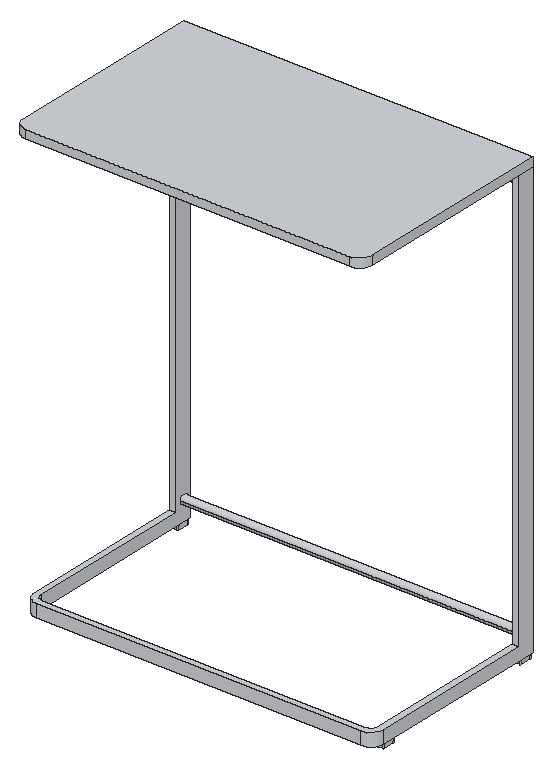
Revit family "Keilhauer_Pact_Laptop Table_77441", category Furniture, Revit 2017
Family settings
  OmniClass Number = 23.40.70.14.64.11
  OmniClass Title = Office Furniture
  Work Plane-Based = No
  Always vertical = Yes
  Cut with Voids When Loaded = No
  Shared = No
  Room Calculation Point = No
Parameters (values of type "Laminate top")
  Type = 2
  Steel Top = Type = 1  # no
  Laminate Top = Type = 2  # yes
  Base [instance] = none
  Glides [instance] = none
  URL = "http://www.keilhauer.com/"
  Product Documentation Link = "http://www.keilhauer.com/"
  Model = "77441"
  Manufacturer = "Keilhauer, Corp."  # constant formula
  Description = "Laptop nesting table with laminate top"
  Copyright © = "© 2021 Keilhauer, Corp."  # constant formula
  Catalog = "Pact"  # constant formula
  Table Top [instance] = none
  Authoring Version = "Autodesk Revit 2015"  # constant formula
  Assembly Code = "E2020200"
Types (2): name | Type | Steel Top | Laminate Top | Model | Description
  Laminate top | 2 | no | yes | "77441" | "Laptop nesting table with laminate top"
  Metal top | 1 | yes | no | "77440" | "Laptop nesting table with metal top"
Reference planes (in)
  plane 1 "Center (Front/Back)": y = 0
  plane 2: z = 0
  plane 3 "Center (Left/Right)": x = 0
  plane 4 "Top": z = 25.813
  plane 5 "Base": z = 0.25
  plane 6: x = 10.06101
  plane 7: x = -10.06101
Forms (in)
  Extrusion 1, solid, material <- "Table Top", visible <- "Steel Top"
    sketch origin (0, 0, 25.813) x (0, 1, 0) y (-1, 0, 0)
      loop
        line (6.53846, 10.25) -> (-5.21154, 10.25)
        arc (-5.21154, 10.25) -> (-5.74187, 10.03033) -> (-5.96154, 9.5) r 0.75
        line (-5.96154, 9.5) -> (-5.96154, -9.5)
        arc (-5.96154, -9.5) -> (-5.74187, -10.03033) -> (-5.21154, -10.25) r 0.75
        line (-5.21154, -10.25) -> (6.53846, -10.25) -> (6.53846, 10.25)
    from 0 to 0.1575
  Blend 2, solid, material <- "Table Top", visible <- "Steel Top"
    base sketch origin (0, 0, 25.813) x (0, 1, 0) y (-1, 0, 0)
      loop
        line (6.53846, 10.25) -> (-5.21154, 10.25)
        arc (-5.21154, 10.25) -> (-5.74187, 10.03033) -> (-5.96154, 9.5) r 0.75
        line (-5.96154, 9.5) -> (-5.96154, -9.5)
        arc (-5.96154, -9.5) -> (-5.74187, -10.03033) -> (-5.21154, -10.25) r 0.75
        line (-5.21154, -10.25) -> (6.53846, -10.25) -> (6.53846, 10.25)
    top sketch origin (0, 0, 25.813) x (0, 1, 0) y (-1, 0, 0)
      loop
        line (6.50846, 10.22) -> (-5.21154, 10.22)
        arc (-5.21154, 10.22) -> (-5.72066, 10.00912) -> (-5.93154, 9.5) r 0.72
        line (-5.93154, 9.5) -> (-5.93154, -9.5)
        arc (-5.93154, -9.5) -> (-5.72066, -10.00912) -> (-5.21154, -10.22) r 0.72
        line (-5.21154, -10.22) -> (6.50846, -10.22) -> (6.50846, 10.22)
    from 0.1575 to 0.1875
  Extrusion 3, solid, material <- "Base"
    sketch origin (10.06101, 5.53647, 47.24409) x (0, -1, 0) y (0, 0, 1)
      loop
        line (-0.6875, -22.18109) -> (-0.3125, -22.18109) -> (-0.3125, -21.43109) -> (-0.6875, -21.43109) -> (-0.6875, -22.18109)
      loop
        circle (-0.5, -45.7439) r 0.25
    from 0 to 20.12202
  Extrusion 4, solid, material <- "Base"
    sketch origin (-10.25149, -60, 0.25) x (-1, 0, 0) y (0, -1, 0)
      loop
        line (-0.00149, -66.53647) -> (-0.00149, -65.53647) -> (-0.375, -65.53647) -> (-0.375, -66.53647) -> (-0.00149, -66.53647)
      loop
        line (-20.125, -66.53647) -> (-20.125, -65.53647) -> (-20.50149, -65.53647) -> (-20.50149, -66.53647) -> (-20.125, -66.53647)
    from 0 to 25.563
  Sweep 5, solid, material <- "Base"
    path origin (0, 0, 25.813) x (0, 1, 0) y (-1, 0, 0)
      loop
        line (6.01233, 7.87649) -> (-1.65203, 7.87649)
        arc (-1.65203, 7.87649) -> (-2.18236, 7.65682) -> (-2.40203, 7.12649) r 0.75
        line (-2.40203, 7.12649) -> (-2.40203, -7.12649)
        arc (-2.40203, -7.12649) -> (-2.18236, -7.65682) -> (-1.65203, -7.87649) r 0.75
        line (-1.65203, -7.87649) -> (6.01233, -7.87649)
    profile origin (-7.87649, 2.18015, 25.813) x (1, 0, 0) y (0, 0, 1)
      loop
        line (0.375, -0.75) -> (0.375, 0) -> (0, 0) -> (0, -0.75) -> (0.375, -0.75)
  Sweep 6, solid, material <- "Base"
    path origin (-10.25149, -60, 0.25) x (-1, 0, 0) y (0, -1, 0)
      loop
        line (-20.12798, -66.03647) -> (-20.12798, -55.60547)
        arc (-20.12798, -55.60547) -> (-20.01961, -55.34384) -> (-19.75798, -55.23547) r 0.37
        line (-19.75798, -55.23547) -> (-0.745, -55.23547)
        arc (-0.745, -55.23547) -> (-0.48337, -55.34384) -> (-0.375, -55.60547) r 0.37
        line (-0.375, -55.60547) -> (-0.375, -66.03647)
    profile origin (-9.87649, 0.82097, 0.25) x (-1, 0, 0) y (0, 0, 1)
      loop
        line (0, 0.75) -> (0, 0) -> (0.375, 0) -> (0.375, 0.75) -> (0, 0.75)
  Extrusion 7, solid, material <- "Glides"
    sketch origin (0, 0, 0) x (1, 0, 0) y (0, 1, 0)
      loop
        arc (-10.19, 6.41022) -> (-10.23243, 6.39265) -> (-10.25, 6.35022) r 0.06
        line (-10.25, 6.35022) -> (-10.25, 5.72236)
        arc (-10.25, 5.72236) -> (-10.23243, 5.67994) -> (-10.19, 5.66236) r 0.06
        line (-10.19, 5.66236) -> (-9.93649, 5.66236)
        arc (-9.93649, 5.66236) -> (-9.89406, 5.67994) -> (-9.87649, 5.72236) r 0.06
        line (-9.87649, 5.72236) -> (-9.87649, 6.35022)
        arc (-9.87649, 6.35022) -> (-9.89406, 6.39265) -> (-9.93649, 6.41022) r 0.06
        line (-9.93649, 6.41022) -> (-10.19, 6.41022)
      loop
        line (-10.19, -4.38679) -> (-9.93649, -4.38679)
        arc (-9.93649, -4.38679) -> (-9.89406, -4.36921) -> (-9.87649, -4.32679) r 0.06
        line (-9.87649, -4.32679) -> (-9.87649, -3.69893)
        arc (-9.87649, -3.69893) -> (-9.89406, -3.6565) -> (-9.93649, -3.63893) r 0.06
        line (-9.93649, -3.63893) -> (-10.19, -3.63893)
        arc (-10.19, -3.63893) -> (-10.23243, -3.6565) -> (-10.25, -3.69893) r 0.06
        line (-10.25, -3.69893) -> (-10.25, -4.32679)
        arc (-10.25, -4.32679) -> (-10.23243, -4.36921) -> (-10.19, -4.38679) r 0.06
      loop
        line (10.19, 6.41022) -> (9.93649, 6.41022)
        arc (9.93649, 6.41022) -> (9.89406, 6.39265) -> (9.87649, 6.35022) r 0.06
        line (9.87649, 6.35022) -> (9.87649, 5.72236)
        arc (9.87649, 5.72236) -> (9.89406, 5.67994) -> (9.93649, 5.66236) r 0.06
        line (9.93649, 5.66236) -> (10.19, 5.66236)
        arc (10.19, 5.66236) -> (10.23243, 5.67994) -> (10.25, 5.72236) r 0.06
        line (10.25, 5.72236) -> (10.25, 6.35022)
        arc (10.25, 6.35022) -> (10.23243, 6.39265) -> (10.19, 6.41022) r 0.06
      loop
        arc (10.19, -4.38679) -> (10.23243, -4.36921) -> (10.25, -4.32679) r 0.06
        line (10.25, -4.32679) -> (10.25, -3.69893)
        arc (10.25, -3.69893) -> (10.23243, -3.6565) -> (10.19, -3.63893) r 0.06
        line (10.19, -3.63893) -> (9.93649, -3.63893)
        arc (9.93649, -3.63893) -> (9.89406, -3.6565) -> (9.87649, -3.69893) r 0.06
        line (9.87649, -3.69893) -> (9.87649, -4.32679)
        arc (9.87649, -4.32679) -> (9.89406, -4.36921) -> (9.93649, -4.38679) r 0.06
        line (9.93649, -4.38679) -> (10.19, -4.38679)
    from 0 to 0.25
  Extrusion 8, solid, material <- "Table Top", visible <- "Laminate Top"
    sketch origin (0, 0, 25.813) x (0, 1, 0) y (-1, 0, 0)
      loop
        line (6.53846, 10.25) -> (-5.21154, 10.25)
        arc (-5.21154, 10.25) -> (-5.74187, 10.03033) -> (-5.96154, 9.5) r 0.75
        line (-5.96154, 9.5) -> (-5.96154, -9.5)
        arc (-5.96154, -9.5) -> (-5.74187, -10.03033) -> (-5.21154, -10.25) r 0.75
        line (-5.21154, -10.25) -> (6.53846, -10.25) -> (6.53846, 10.25)
    from 0 to 0.5
Cuts and joins
  joined: Extrusion 1, Blend 2
  joined: Extrusion 3, Extrusion 4, Sweep 5, Sweep 6
Lines and regions (in)
  Masking region 1
    outline origin (0, 0, 0) x (1, 0, 0) y (0, 1, 0)
      loop
        line (-10.25, 6.53846) -> (-10.25, -5.21154)
        arc (-10.25, -5.21154) -> (-10.03033, -5.74187) -> (-9.5, -5.96154) r 0.75
        line (-9.5, -5.96154) -> (9.5, -5.96154)
        arc (9.5, -5.96154) -> (10.03033, -5.74187) -> (10.25, -5.21154) r 0.75
        line (10.25, -5.21154) -> (10.25, 6.53846) -> (-10.25, 6.53846)
Dimensions and locks (in)
  equal spacing: plane 7, plane 3 "Center (Left/Right)", plane 6, locked at 10.06101 each
  radius of Masking region 1 sketch curve = 0.750"  (x2)
  radius of Extrusion 8 sketch curve = 0.750"  (x2)
  aligned and locked: nested 1 to plane 3 "Center (Left/Right)"
  aligned and locked: plane 1 "Center (Front/Back)" to nested 1
  aligned and locked: Extrusion 1 to plane 4 "Top"
  aligned and locked: Extrusion 3 to plane 7
  aligned and locked: Extrusion 3 to plane 6
  aligned and locked: plane 4 "Top" to Extrusion 4
  aligned and locked: Extrusion 4 to plane 5 "Base"
  aligned and locked: plane 4 "Top" to Sweep 5 sketch curve
  aligned and locked: profile plane to Sweep 5 sketch curve
  aligned and locked: plane 5 "Base" to Sweep 6 sketch curve
  aligned and locked: plane 2 to Extrusion 7
  aligned and locked: plane 5 "Base" to Extrusion 7
  aligned and locked: Masking region 1 sketch curve to cut or joined group of Extrusion 1, Blend 2  (x4)
  aligned and locked: Extrusion 8 sketch curve to cut or joined group of Extrusion 1, Blend 2  (x4)
Automatic sketch dimensions
  plane 7 to Extrusion 1 sketch curve = 0.56101"
  plane 1 "Center (Front/Back)" to Extrusion 1 sketch curve = 5.96154"
  Extrusion 1 sketch curve to plane 6 = 0.18899"
  Extrusion 1 sketch curve to Extrusion 1 sketch curve = 0.750"  (x2)
  Extrusion 1 sketch curve to plane 1 "Center (Front/Back)" = 6.53846"
  plane 7 to Blend 2 sketch curve = 0.56101"
  plane 1 "Center (Front/Back)" to Blend 2 sketch curve = 5.96154"
  plane 6 to Blend 2 sketch curve = 0.56101"  (x2)
  Blend 2 sketch curve to Blend 2 sketch curve = 0.750"
  Blend 2 sketch curve to plane 7 = 0.18899"
  Blend 2 sketch curve to plane 1 "Center (Front/Back)" = 6.53846"
  plane 1 "Center (Front/Back)" to Blend 2 sketch curve = 5.93154"
  Blend 2 sketch curve to plane 6 = 0.15899"
  Blend 2 sketch curve to Blend 2 sketch curve = 0.720"
  Blend 2 sketch curve to plane 7 = 0.15899"
  Blend 2 sketch curve to plane 1 "Center (Front/Back)" = 6.50846"
  Extrusion 4 sketch curve to plane 6 = 0.18899"
  plane 6 to Extrusion 4 sketch curve = 0.1875"
  plane 7 to Extrusion 4 sketch curve = 0.18452"
  Extrusion 4 sketch curve to plane 7 = 0.18899"
  Extrusion 4 sketch curve to plane 1 "Center (Front/Back)" = 6.53647"  (x2)
  Extrusion 4 sketch curve to Extrusion 4 sketch curve = 1.000"  (x2)
  plane 1 "Center (Front/Back)" to Sweep 5 sketch curve = 2.40203"
  Sweep 5 sketch curve to Sweep 5 sketch curve = 0.750"  (x2)
  plane 6 to Sweep 5 sketch curve = 2.18452"
  plane 7 to Sweep 5 sketch curve = 2.93452"
  Sweep 5 sketch curve to plane 1 "Center (Front/Back)" = 6.01233"  (x2)
  Sweep 5 sketch curve to profile plane = 0.375"
  Sweep 5 sketch curve to plane 4 "Top" = 0.750"
  Extrusion 3 sketch curve to plane 4 "Top" = 0.000"
  Extrusion 3 sketch curve to plane 1 "Center (Front/Back)" = 6.22397"
  plane 5 "Base" to Extrusion 3 sketch curve = 1.25019"
  Extrusion 3 sketch curve to plane 1 "Center (Front/Back)" = 6.03647"
  Extrusion 3 sketch curve to Extrusion 3 sketch curve = 0.375"
  Extrusion 3 sketch curve to Extrusion 3 sketch curve = 0.750"
  plane 1 "Center (Front/Back)" to Sweep 6 sketch curve = 4.39453"
  plane 6 to Sweep 6 sketch curve = 0.18452"
  plane 1 "Center (Front/Back)" to Sweep 6 sketch curve = 4.76453"
  plane 7 to Sweep 6 sketch curve = 0.55452"
  plane 7 to Sweep 6 sketch curve = 0.18452"
  Sweep 6 sketch curve to plane 1 "Center (Front/Back)" = 6.03647"  (x2)
  profile plane to Sweep 6 sketch curve = 0.000"
  Sweep 6 sketch curve to profile plane = 0.375"
  plane 5 "Base" to Sweep 6 sketch curve = 0.750"
  Extrusion 7 sketch curve to plane 7 = 0.18899"  (x2)
  Extrusion 7 sketch curve to Extrusion 7 sketch curve = 0.060"  (x12)
  plane 7 to Extrusion 7 sketch curve = 0.12452"  (x4)
  plane 6 to Extrusion 7 sketch curve = 0.18452"  (x2)
  Extrusion 7 sketch curve to plane 6 = 0.12899"  (x4)
  plane 1 "Center (Front/Back)" to Extrusion 7 sketch curve = 4.38679"  (x2)
  Extrusion 7 sketch curve to Extrusion 7 sketch curve = 0.62786"  (x4)
  Extrusion 7 sketch curve to plane 1 "Center (Front/Back)" = 5.66236"  (x2)
  radius of Extrusion 3 sketch curve = 0.250"
Nested families (in)
  nested 1: "Furniture_Tag" at (0, 0, 0), type "Center", detail levels fine
    with Offset (LR) 0.000"
Definition of nested family "Furniture_Tag"
  Parameters
    P_Width = 0.000"
    Text_Width = "Empty"
    Text_Height = "Empty"
    Text_Diameter = "Empty"
    Text_Depth = "Empty"
    Offset (LR) [instance] = 0.000"
    Model Name = "Type Catalog"
    P_Height = 0.000"
    Distance of Center (not Change) = 0.000"
    P_Diameter = 0.000"
    P_Depth = 0.000"
  Reference planes (in)
    plane 1: y = 0
    plane 2: x = 0
  Lines and regions (in)
    reference lines
      curve 1: line (-0.44359, 0, 0) -> (0.41085, 0, 0)
      curve 3: line (0, 0.32564, 0) -> (0, -0.40221, 0)
    reference lines, not visible
      curve 2: line (-0.44359, 0.09843, 0) -> (0.41085, 0.09843, 0)
      curve 4: line (0, 0.42407, 0) -> (0, -0.30379, 0)
  Text (in)
    label "Empty" at (0.00197, -0.0079, 0), shows "Model Name"
    label "Empty" at (0.00197, 0.09052, 0), shows "Model Name", not visible
  Dimensions and locks (in)
    "Distance of Center (not Change)": plane 1 to curve 1
    "Offset (LR)": curve 3 to plane 2
  Automatic sketch dimensions
    curve 1 to curve 3 = 0.44359"
    curve 3 to curve 1 = 0.41085"
    curve 3 to curve 1 = 0.40221"
    curve 1 to curve 3 = 0.32564"
    curve 2 to curve 4 = 0.44359"
    curve 4 to curve 2 = 0.41085"
    curve 4 to curve 2 = 0.40221"
    curve 2 to curve 4 = 0.32564"
